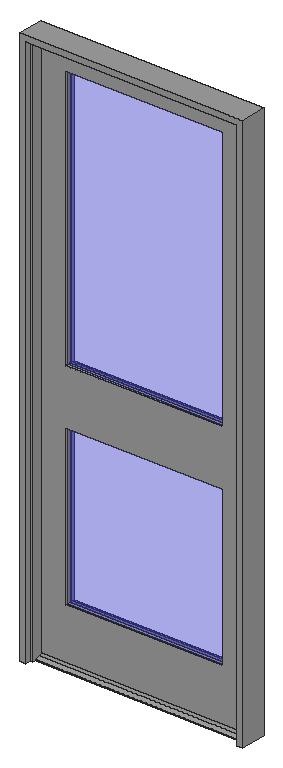
Revit family "MS-375 DOOR-VIP-1-CW_v04", category Curtain Panels, Revit 2015
Parameters
  Width [instance] = 3' - 2"
  VIP2 Panic Devices [instance] = not(VIP1 Panic Devices)  # no
  URL = "obe.com"
  Rough Width = 3' - 2"
  Panel Width [instance] = [Min-Max Panel Width]  # 3' - 0"
  Panel Offset [instance] = 0' - 0"
  Offset [instance] = 0' - 0"
  Model = "MS-375 DOOR"
  Min-Max Rough Width [instance] = if(and((Rough Width > 3' 1 255/256"), (Rough Width < 3' 8 1/256")), Rough Width, 3' 8")  # 3' - 2"
  Min-Max Panel Width [instance] = if(and((Rough Width > 3' 1 255/256"), (Rough Width < 3' 8 1/256")), Rough Width - 0' 2", 3' 6")  # 3' - 0"
  Manufacturer = "Oldcastle BuildingEnvelope®"
  Keynote = "08 11 00"
  Hinge [instance] = yes
  Height [instance] = 8' - 0"
  Pushbar Height [instance] = 3' - 5 1/4"  # constant formula
  Glass Material = Glass
  Frame Material = Aluminum
  Door Panel Height [instance] = Height - 0' 0 5/8"  # 7' - 11 3/8"
  Description = "MS-375 - 1\" Door Infill"
  Assembly Code = "B2030"
  Analytic Construction = "<None>"
  VIP1 Panic Devices [instance] = yes
  10 Bottom Rail [instance] = not([8 Bottom Rail])  # no
  8 Bottom Rail [instance] = yes
Reference planes (in)
  plane 1 "Front": y = 0
  plane 2: z = 0
  plane 3 "Center (Left/Right)": x = 0
  plane 4 "Left": x = -19
  plane 5 "Right": x = 19
  plane 6 "Top": z = 96
  plane 7 "Offset": y = 0
  plane 8: y = -1.28244
  plane 9: y = -1.28244
  plane 10: x = -19
  plane 11: x = 19
Forms (in)
  Sweep 1, solid, material "Aluminum" <- "Frame Material"
    path origin (0, 0, 0) x (-1, 0, 0) y (0, 0, 1)
      loop
        line (19, 0) -> (19, 96)
    profile origin (-19, 0, 48) x (1, 0, 0) y (0, 1, 0)
      loop
        line (1, -1.97) -> (1, 0) -> (0, 0) -> (0, -4.5) -> (1, -4.5) -> (1, -3.595) -> (1.5, -3.595) -> (1.5, -1.97) -> (1, -1.97)
  Sweep 2, solid, material "Aluminum" <- "Frame Material"
    path origin (0, 0, 0) x (-1, 0, 0) y (0, 0, 1)
      loop
        line (-19, 0) -> (-19, 96)
    profile origin (19, 0, 48) x (1, 0, 0) y (0, 1, 0)
      loop
        line (-1, -1.97) -> (-1.5, -1.97) -> (-1.5, -3.595) -> (-1, -3.595) -> (-1, -4.5) -> (0, -4.5) -> (0, 0) -> (-1, 0) -> (-1, -1.97)
  Extrusion 3, solid, material "Aluminum" <- "Frame Material"
    sketch origin (-19, 0, 0) x (0, -1, 0) y (0, 0, 1)
      loop
        line (1.97, 94.5) -> (3.595, 94.5) -> (3.595, 95) -> (4.5, 95) -> (4.5, 96) -> (0, 96) -> (0, 95) -> (1.97, 95) -> (1.97, 94.5)
    from -38 to 0
Cuts and joins
  joined: Sweep 1, Sweep 2, Extrusion 3
Text (in)
  text "Exterior" at (-54.29358, 31.38743, 0), in view "Ref. Level"
  text "Exterior" at (480, 41.53993, 89.60405), in view "Right"
  text "Exterior" at (-240, 57.82419, 105.78864), in view "Left"
Dimensions and locks (in)
  equal spacing: plane 4 "Left", plane 3 "Center (Left/Right)", plane 5 "Right"
  "Width": plane 4 "Left" to plane 5 "Right"
  "Height": plane 6 "Top" to plane 2
  "Offset": plane 1 "Front" to plane 7 "Offset"
  locked: plane 7 "Offset" to plane 8 at 1.28244
  locked: plane 7 "Offset" to plane 9 at 1.28244
  Extrusion 3 sketch curve to Extrusion 3 sketch curve to Extrusion 3 sketch curve = 0' - 0 1/2" locked, 0' - 0" locked
  Extrusion 3 sketch curve to Extrusion 3 sketch curve to Extrusion 3 sketch curve to Extrusion 3 sketch curve = 0' - 1.97" locked, 0' - 1 5/8" locked, 0' - 0.905" locked
  locked: Extrusion 3 sketch curve to Extrusion 3 sketch curve at 1
  equal spacing: plane 10, plane 3 "Center (Left/Right)", plane 11
  "Min-Max Rough Width": plane 10 to plane 11
  aligned and locked: level to plane 2
  aligned and locked: plane 6 "Top" to Sweep 1 sketch curve
  aligned and locked: level to Sweep 1 sketch curve
  aligned and locked: plane 6 "Top" to Sweep 2 sketch curve
  aligned and locked: level to Sweep 2 sketch curve
  aligned and locked: Extrusion 3 to plane 6 "Top"
  aligned and locked: Extrusion 3 sketch curve to plane 6 "Top"
  aligned and locked: plane 3 "Center (Left/Right)" to nested 1
  aligned and locked: nested 1 to plane 7 "Offset"
  aligned and locked: Sweep 1 sketch curve to plane 10
  aligned and locked: plane 11 to Sweep 2 sketch curve
  aligned and locked: cut or joined group of Sweep 1, Sweep 2, Extrusion 3 to plane 11
  aligned and locked: cut or joined group of Sweep 1, Sweep 2, Extrusion 3 to plane 10
Automatic sketch dimensions
  Sweep 1 sketch curve to profile plane = 0' - 0"
  Sweep 1 sketch curve to plane 7 "Offset" = 0' - 0"
  Sweep 1 sketch curve to profile plane = 0' - 1"  (x2)
  Sweep 1 sketch curve to Sweep 1 sketch curve = 0' - 0 1/2"
  Sweep 1 sketch curve to plane 7 "Offset" = 0' - 1.97"
  Sweep 1 sketch curve to Sweep 1 sketch curve = 0' - 1 5/8"
  Sweep 1 sketch curve to Sweep 1 sketch curve = 0' - 0.905"
  Sweep 2 sketch curve to plane 7 "Offset" = 0' - 0"
  Sweep 2 sketch curve to profile plane = 0' - 0"
  profile plane to Sweep 2 sketch curve = 0' - 1"  (x2)
  Sweep 2 sketch curve to Sweep 2 sketch curve = 0' - 0 1/2"
  Sweep 2 sketch curve to plane 7 "Offset" = 0' - 1.97"
  Sweep 2 sketch curve to Sweep 2 sketch curve = 0' - 1 5/8"
  Sweep 2 sketch curve to Sweep 2 sketch curve = 0' - 0.905"
  Extrusion 3 sketch curve to plane 7 "Offset" = 0' - 0"
Nested families (in)
  nested 1: "MS-375 DOOR-VIP-1-Panel_v03" at (0, -16, 0), Height <- "Door Panel Height", Hinge <- "Hinge", Frame Material <- "Frame Material", Glass Material <- "Glass Material", Width <- "Min-Max Panel Width", VIP1 Panic Devices <- "VIP1 Panic Devices", 8 Bottom Rail <- "8 Bottom Rail", VIP2 Panic Devices <- "VIP2 Panic Devices", Offset <- "Panel Offset", type "MS-375 DOOR-1-Panel"
    with built-in parameter 1001301 3' - 0", VIP2 Panic Devices no, VIP1 Panic Devices yes, Pushbar Height 3' - 5 1/4", Offset 0' - 0", Hinge yes, built-in parameter 1001300 7' - 11 3/8", Glass at Muntin 0' - 8 15/16", Glass Material Glass, Frame Material Aluminum, Bottom Rail 0' - 9 5/32", 8 Bottom Rail yes, 10 Bottom Rail no
Definition of nested family "MS-375 DOOR-VIP-1-Panel_v03"
  Parameters (values of type "MS-375 DOOR-1-Panel")
    Width [instance] = 4' - 0"
    VIP2 Panic Devices [instance] = no
    VIP1 Panic Devices [instance] = not(VIP2 Panic Devices)  # yes
    Offset [instance] = 0' - 11"
    Hinge [instance] = yes
    Height [instance] = 8' - 0"
    Glass at Muntin [instance] = if(VIP2 Panic Devices, 0' 4 15/16", 0' 8 15/16")  # 0' - 8 15/16"
    Pushbar Height [instance] = 3' - 5 1/4"  # constant formula
    Glass Material [instance] = none
    Frame Material [instance] = none
    Bottom Rail [instance] = if([10 Bottom Rail], 0' 11 5/32", 0' 9 5/32")  # 0' - 9 5/32"
    8 Bottom Rail [instance] = yes
    10 Bottom Rail [instance] = not([8 Bottom Rail])  # no
  Reference planes (in)
    plane 1 "00": y = 4.0625
    plane 2: z = 0
    plane 3 "Center (Left/Right)": x = 0
    plane 4: z = 96
    plane 5: x = 24
    plane 6: x = -24
    plane 7 "Center (Front/Back)": y = 16
    plane 8 "Exterior": y = 4.5625
    plane 9: z = 48
    plane 10: z = 92.96875
    plane 11: z = 92
    plane 12: z = 9.15625
    plane 13: z = 36.78125
    plane 14: z = 45.71875
    plane 15 "Offset": y = 5
    plane 16: z = 41.25
  Forms (in)
    Sweep 1, solid, material <- "Frame Material"
      path origin (0, 4.0625, 0) x (1, 0, 0) y (0, 0, 1)
        loop
          line (-23.79246, 96) -> (23.80279, 96)
      profile origin (0.00517, 4.0625, 96) x (0, 0, 1) y (0, -1, 0)
        loop
          line (-0.5, -0.875) -> (-0.5, 0.875) -> (-2.74593, 0.875) -> (-4.28125, 0.875) -> (-4.28125, 0.5) -> (-4, 0.5) -> (-4, -0.5) -> (-4.28125, -0.5) -> (-4.28125, -0.875) -> (-2.74593, -0.875) -> (-0.5, -0.875)
    Sweep 2, solid, material <- "Frame Material"
      path origin (0, 4.0625, 0) x (1, 0, 0) y (0, 0, 1)
        loop
          line (23.80279, 0) -> (-23.79246, 0)
      profile origin (0.00517, 4.0625, 0) x (0, 0, -1) y (0, -1, 0)
        loop
          line (-9.4375, -0.5) -> (-9.4375, -0.875) -> (-0.6875, -0.875) -> (-0.6875, 0.875) -> (-9.4375, 0.875) -> (-9.4375, 0.5) -> (-9.15625, 0.5) -> (-9.15625, -0.5) -> (-9.4375, -0.5)
        loop
          line (-0.5, -1.1555) -> (-0.19364, -1.8125) -> (-0.00001, -1.8125) -> (-0.00001, 2.1875) -> (-0.19364, 2.1875) -> (-0.5, 1.5305) -> (-0.5, -1.1555)
    Sweep 3, solid, material <- "Frame Material"
      path origin (0, 4.0625, 0) x (1, 0, 0) y (0, 0, 1)
        loop
          line (24, 95.5) -> (24, 0.6875)
      profile origin (24, 4.0625, 48.09375) x (0, -1, 0) y (1, 0, 0)
        loop
          line (-0.875, -0.08821) -> (-0.875, -2.20914) -> (-0.875, -4.58821) -> (-0.5, -4.58821) -> (-0.5, -4.30696) -> (0.5, -4.30696) -> (0.5, -4.58821) -> (0.875, -4.58821) -> (0.875, -2.20914) -> (0.875, -0.19721) -> (-0.875, -0.08821)
    Sweep 4, solid, material <- "Frame Material"
      path origin (0, 4.0625, 0) x (1, 0, 0) y (0, 0, 1)
        loop
          line (-24, 95.5) -> (-24, 0.6875)
      profile origin (-24, 4.0625, 48.09375) x (0, -1, 0) y (1, 0, 0)
        loop
          line (-0.875, 0.09854) -> (0.875, 0.20754) -> (0.875, 2.21947) -> (0.875, 4.59854) -> (0.5, 4.59854) -> (0.5, 4.31729) -> (-0.5, 4.31729) -> (-0.5, 4.59854) -> (-0.875, 4.59854) -> (-0.875, 2.21947) -> (-0.875, 0.09854)
    Sweep 5, solid, material <- "Frame Material"
      path origin (0, 4.0625, 0) x (1, 0, 0) y (0, 0, 1)
        loop
          line (23.80279, 48) -> (-23.79246, 48)
      profile origin (0.00517, 4.0625, 48) x (0, 0, -1) y (0, -1, 0)
        loop
          line (7.5, -0.875) -> (11.5, -0.875) -> (11.5, -0.5) -> (11.21875, -0.5) -> (11.21875, 0.5) -> (11.5, 0.5) -> (11.5, 0.875) -> (7.5, 0.875) -> (2, 0.875) -> (2, 0.5) -> (2.28125, 0.5) -> (2.28125, -0.5) -> (2, -0.5) -> (2, -0.875) -> (7.5, -0.875)
    Extrusion 6, solid, material <- "Glass Material", detail levels coarse
      sketch origin (0, 0, 0) x (1, 0, 0) y (0, 1, 0)
        loop
          line (-19.68271, 4.5625) -> (-19.68271, 3.5625) -> (19.69304, 3.5625) -> (19.69304, 4.5625) -> (-19.68271, 4.5625)
      from 45.71875 to 92
    Extrusion 7, solid, material <- "Glass Material", detail levels medium+fine
      sketch origin (0, 0, 0) x (1, 0, 0) y (0, 1, 0)
        loop
          line (-19.68271, 3.56385) -> (19.69304, 3.56385) -> (19.69304, 3.81185) -> (-19.68271, 3.81185) -> (-19.68271, 3.56385)
        loop
          line (19.69304, 4.56385) -> (-19.68271, 4.56385) -> (-19.68271, 4.31585) -> (19.69304, 4.31585) -> (19.69304, 4.56385)
      from 45.71875 to 92
    Extrusion 8, solid, material <- "Glass Material", detail levels coarse
      sketch origin (0, 0, 0) x (1, 0, 0) y (0, 1, 0)
        loop
          line (-19.68271, 4.5625) -> (-19.68271, 3.5625) -> (19.69304, 3.5625) -> (19.69304, 4.5625) -> (-19.68271, 4.5625)
      from 9.15625 to 36.78125
    Extrusion 9, solid, material <- "Glass Material", detail levels medium+fine
      sketch origin (0, 0, 0) x (1, 0, 0) y (0, 1, 0)
        loop
          line (-19.68271, 4.5625) -> (-19.68271, 4.3145) -> (19.69304, 4.3145) -> (19.69304, 4.5625) -> (-19.68271, 4.5625)
        loop
          line (-19.68271, 3.8105) -> (-19.68271, 3.5625) -> (19.69304, 3.5625) -> (19.69304, 3.8105) -> (-19.68271, 3.8105)
      from 9.15625 to 36.78125
  Cuts and joins
    joined: Sweep 1, Sweep 2, Sweep 3, Sweep 4, Sweep 5
  Lines and regions (in)
    model lines
      curve 1: line (19.41179, 4.5625, 91.71875) -> (-19.40146, 4.5625, 48)
      curve 2: line (19.41179, 4.5625, 9.4375) -> (-19.40146, 4.5625, 48)
  Dimensions and locks (in)
    "Width": plane 6 to plane 5
    "Offset": plane 15 "Offset" to plane 7 "Center (Front/Back)"
    equal spacing: level, plane 9, plane 4
    locked: Sweep 2 sketch curve to plane 6 at 0.20754
    locked: plane 5 to Sweep 2 sketch curve at 0.19721
    locked: Sweep 3 sketch curve to plane 4 at 0.5
    locked: Sweep 4 sketch curve to plane 4 at 0.5
    locked: Sweep 1 sketch curve to plane 6 at 0.20754
    locked: plane 5 to Sweep 1 sketch curve at 0.19721
    locked: plane 5 to Sweep 5 sketch curve at 0.19721
    locked: Sweep 5 sketch curve to plane 6 at 0.20754
    locked: plane 4 to plane 10 at 3.03125
    Extrusion 8 sketch curve to plane 1 "00" to Extrusion 8 sketch curve = 0' - 0 1/2" locked, 0' - 0 1/2" locked
    Extrusion 9 sketch curve to Extrusion 9 sketch curve to plane 1 "00" to Extrusion 9 sketch curve to Extrusion 9 sketch curve = 0' - 0.248" locked, 0' - 0.252" locked, 0' - 0.252" locked, 0' - 0.248" locked
    "Glass at Muntin": plane 13 to plane 14
    locked: plane 11 to plane 4 at 4
    "Bottom Rail": plane 12 to plane 2
    "Height": plane 4 to plane 2
    locked: plane 14 to Sweep 5 sketch curve at 0.28125  (x2)
    locked: plane 12 to Sweep 2 sketch curve at 0.28125  (x2)
    locked: Sweep 5 sketch curve to plane 13 at 0.28125  (x2)
    equal spacing: plane 6, plane 3 "Center (Left/Right)", plane 5
    plane 1 "00" to plane 8 "Exterior" to plane 15 "Offset" = 0' - 0 1/2" locked, 0' - 0 7/16" locked
    equal spacing: plane 13, plane 16, plane 14
    "Pushbar Height": plane 16 to plane 2
    locked: Sweep 4 sketch curve to plane 2 at 0.6875
    locked: Sweep 3 sketch curve to plane 2 at 0.6875
    Extrusion 7 sketch curve to Extrusion 7 sketch curve to Extrusion 7 sketch curve to Extrusion 7 sketch curve to plane 15 "Offset" = 0' - 0.248" locked, 0' - 0.504" locked, 0' - 0.248" locked, 0' - 0.43615" locked
    Extrusion 6 sketch curve to Extrusion 6 sketch curve to plane 15 "Offset" = 0' - 1" locked, 0' - 0 7/16" locked
    aligned and locked: plane 2 to level
    aligned and locked: Sweep 1 sketch curve to plane 4
    aligned and locked: Sweep 2 sketch curve to level
    aligned and locked: plane 5 to Sweep 3 sketch curve
    aligned and locked: plane 6 to Sweep 4 sketch curve
    aligned and locked: Sweep 5 sketch curve to plane 9
    aligned and locked: Extrusion 7 to plane 11
    aligned and locked: Extrusion 6 to plane 11
    aligned and locked: plane 14 to Extrusion 7
    aligned and locked: plane 14 to Extrusion 6
    aligned and locked: Extrusion 8 to plane 13
    aligned and locked: Extrusion 9 to plane 13
    aligned and locked: plane 12 to Extrusion 9
    aligned and locked: plane 12 to Extrusion 8
    aligned and locked: plane 13 to cut or joined group of Sweep 1, Sweep 2, Sweep 3, Sweep 4, Sweep 5
    aligned and locked: plane 14 to Sweep 5 sketch curve
    aligned and locked: Sweep 5 sketch curve to plane 13
    aligned and locked: plane 12 to Sweep 2 sketch curve
    aligned and locked: cut or joined group of Sweep 1, Sweep 2, Sweep 3, Sweep 4, Sweep 5 to Extrusion 6
  Automatic sketch dimensions
    plane 1 "00" to Sweep 1 sketch curve = 0' - 0 1/2"
    Sweep 1 sketch curve to plane 1 "00" = 0' - 0 1/2"
    Sweep 1 sketch curve to Sweep 1 sketch curve = 0' - 0 9/32"
    Sweep 1 sketch curve to Sweep 1 sketch curve = 0' - 1.25407"  (x2)
    profile plane to Sweep 1 sketch curve = 0' - 0 1/2"
    Sweep 1 sketch curve to plane 1 "00" = 0' - 0 7/8"
    Sweep 1 sketch curve to Sweep 1 sketch curve = 0' - 0 3/8"
    plane 1 "00" to Sweep 2 sketch curve = 0' - 0 7/8"
    profile plane to Sweep 2 sketch curve = 0' - 0 1/2"
    profile plane to Sweep 2 sketch curve = 0' - 0.19364"  (x2)
    profile plane to Sweep 2 sketch curve = 0' - 0"
    Sweep 2 sketch curve to Sweep 2 sketch curve = 0' - 0 3/8"
    Sweep 2 sketch curve to plane 1 "00" = 0' - 0 1/2"
    Sweep 2 sketch curve to plane 1 "00" = 0' - 0 7/8"
    Sweep 2 sketch curve to Sweep 2 sketch curve = 0' - 0.657"  (x2)
    Sweep 2 sketch curve to Sweep 2 sketch curve = 0' - 0.6555"
    Sweep 3 sketch curve to plane 1 "00" = 0' - 0 7/8"
    Sweep 3 sketch curve to Sweep 3 sketch curve = 0' - 0 3/8"  (x2)
    plane 1 "00" to Sweep 3 sketch curve = 0' - 0 1/2"
    profile plane to Sweep 3 sketch curve = 0' - 4.58821"
    Sweep 3 sketch curve to Sweep 3 sketch curve = 0' - 0"  (x2)
    Sweep 3 sketch curve to Sweep 3 sketch curve = 0' - 0 9/32"
    Sweep 3 sketch curve to Sweep 3 sketch curve = 0' - 2.09782"
    profile plane to Sweep 3 sketch curve = 0' - 0.19721"
    profile plane to Sweep 3 sketch curve = 0' - 0.08821"
    Sweep 1 sketch curve to Sweep 1 sketch curve = 0' - 0"
    Sweep 1 sketch curve to Sweep 1 sketch curve = 0' - 2.24593"
    Sweep 4 sketch curve to plane 1 "00" = 0' - 0 7/8"
    Sweep 4 sketch curve to Sweep 4 sketch curve = 0' - 0 3/8"
    plane 1 "00" to Sweep 4 sketch curve = 0' - 0 1/2"
    plane 1 "00" to Sweep 4 sketch curve = 0' - 0 7/8"
    Sweep 4 sketch curve to profile plane = 0' - 0.09854"
    Sweep 4 sketch curve to profile plane = 0' - 0.20754"
    Sweep 4 sketch curve to Sweep 4 sketch curve = 0' - 2.12093"
    Sweep 4 sketch curve to Sweep 4 sketch curve = 0' - 0"
    Sweep 4 sketch curve to Sweep 4 sketch curve = 0' - 2.09782"
    Sweep 4 sketch curve to Sweep 4 sketch curve = 0' - 0 9/32"  (x2)
    Sweep 5 sketch curve to plane 1 "00" = 0' - 0 7/8"
    Sweep 5 sketch curve to Sweep 5 sketch curve = 0' - 3 23/32"
    plane 1 "00" to Sweep 5 sketch curve = 0' - 0 7/8"
    Sweep 5 sketch curve to Sweep 5 sketch curve = 0' - 0"
    Sweep 5 sketch curve to Sweep 5 sketch curve = 0' - 0 3/8"  (x4)
    plane 6 to Extrusion 6 sketch curve = 0' - 4.31729"
    Extrusion 6 sketch curve to plane 5 = 0' - 4.30696"
    plane 6 to Extrusion 7 sketch curve = 0' - 4.31729"
    Extrusion 7 sketch curve to Extrusion 7 sketch curve = 0' - 0"  (x2)
    Extrusion 7 sketch curve to plane 5 = 0' - 4.30696"
    plane 6 to Extrusion 8 sketch curve = 0' - 4.31729"
    Extrusion 8 sketch curve to plane 5 = 0' - 4.30696"
    plane 6 to Extrusion 9 sketch curve = 0' - 4.31729"
    Extrusion 9 sketch curve to Extrusion 9 sketch curve = 0' - 0"  (x2)
    Extrusion 9 sketch curve to plane 5 = 0' - 4.30696"
    curve 1 to plane 9 = 0' - 0"
    plane 6 to curve 1 = 0' - 4.59854"
    curve 2 to plane 12 = 0' - 0 9/32"
    curve 2 to plane 5 = 0' - 4.58821"
    plane 11 to curve 1 = 0' - 0 9/32"
    curve 1 to plane 5 = 0' - 4.58821"
    Sweep 2 sketch curve to Sweep 2 sketch curve = 0' - 0 3/16"
    Sweep 2 sketch curve to Sweep 2 sketch curve = 0' - 0.2805"
